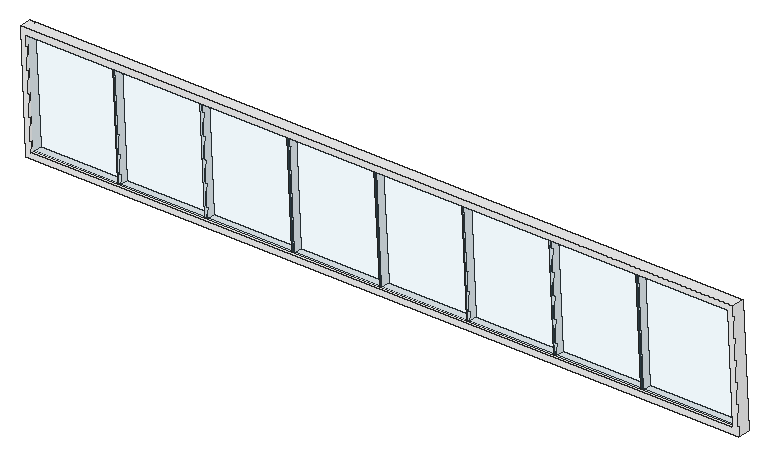
Revit family
Parameters (values of type "표준")
  창프레임 = ""
  창철물 = ""
  창유리/마감 = ""
  창위치/개소 = ""
  창부호 = "8/ACW"
  창번호 = "8"
  창기호 = "ACW"
  유리 = 유리
  프레임 = Kiyok형 창 평면도
  Assembly Code = ""
  기본 씰 높이 = 800 mm
  Wall Closure = (empty or 0)
Reference planes
  plane 1: y = 0
  plane 2 "오른쪽": x = 500
  plane 3 "씰": z = 800
  plane 4 "헤드": z = 800
  plane 5 "외부": y = 100
  plane 6 "내부": y = -100
  plane 7: z = 918.992
  plane 8: z = 2118.992
  plane 9: x = 4421.12
  plane 10: x = 4061.12
  plane 11: x = -4578.88
  plane 12: x = -4938.88
  plane 13: z = 1518.992
  plane 14: through (10500, -57.5, 1518.992) normal (0, -0.9578, 0.2874)
  plane 15: through (10500, -292.82, 386.634) normal (0, -0.9578, 0.2874)
  plane 16: through (10500, -484.385, 444.106) normal (0, -0.9578, 0.2874)
  plane 17: through (10500, -503.541, 449.853) normal (0, -0.9578, 0.2874)
  plane 18: through (10500, -474.807, 441.232) normal (0, -0.9578, 0.2874)
  plane 19: through (10500, -450.861, 434.048) normal (0, -0.9578, 0.2874)
  plane 20: through (10500, -364.657, 408.186) normal (0, -0.9578, 0.2874)
  plane 21: through (10500, -359.868, 406.749) normal (0, -0.9578, 0.2874)
  plane 22: z = 2058.992
  plane 23: z = 978.992
  plane 24: y = -362.793
  plane 25: y = 16.7
  plane 26: y = -307.3
  plane 27: y = -292.193
  plane 28: y = 41.7
  plane 29: z = 2418.992
  plane 30: x = -5238.88
  plane 31: z = 618.992
  plane 32: x = 4721.12
  plane 33: x = 1726.692
  plane 34: x = 2829.107
  plane 35: x = 2050.692
  plane 36: x = 3153.12
  plane 37: x = 1711.692
  plane 38: x = 1741.692
  plane 39: x = 2035.692
  plane 40: x = 2065.692
  plane 41: x = 2814.107
  plane 42: x = 2844.107
  plane 43: x = 3138.12
  plane 44: x = 3168.12
  plane 45: y = 107.246
  plane 46: y = 205.529
  plane 47: y = -216.77
  plane 48: y = -116.732
  plane 49: x = 4001.12
  plane 50: x = 4361.12
  plane 51: x = 4019.12
  plane 52: x = 4343.12
  plane 53: x = 2035.692
  plane 54: x = 933.263
  plane 55: x = -169.165
  plane 56: x = -2374.022
  plane 57: x = -3476.451
  plane 58: x = -1271.594
  plane 59: x = 2050.692
  plane 60: x = 948.263
  plane 61: x = -154.165
  plane 62: x = -1256.594
  plane 63: x = -2359.022
  plane 64: x = -3461.451
  plane 65: x = -3785.452
  plane 66: y = -362.8
Forms (mm)
  Extrusion 1, solid, material "Kiyok형 창 평면도" <- "프레임"
    sketch origin (4421.12, 207.5, 918.992) x (0, 0, -1) y (0, 1, 0)
      loop
        line (-1200, -210.276) -> (-1140, -228.276) -> (-1140, -72.571) -> (-1200, -53.67) -> (-1200, -210.276)
    from -9338.571 to -401.143
  Extrusion 2, solid, material "Kiyok형 창 평면도" <- "프레임"
    sketch origin (4421.12, 207.5, 918.992) x (0, 0, -1) y (0, 1, 0)
      loop
        line (-60, -552.292) -> (0, -570.293) -> (0, -412.788) -> (-60, -394.832) -> (-60, -552.292)
    from -18.769 to -9000
  Blend 3, solid, material "Kiyok형 창 평면도" <- "프레임"
    base sketch origin (0, -57.5, 0) x (1, 0, 0) y (0, 1, 0)
      loop
        line (-4578.88, -147.788) -> (-4578.88, -305.3) -> (-4518.88, -305.3) -> (-4518.88, -147.788) -> (-4578.88, -147.788)
    top sketch origin (0, -57.5, 0) x (1, 0, 0) y (0, 1, 0)
      loop
        line (-4938.88, 211.33) -> (-4938.88, 54.724) -> (-4878.88, 54.724) -> (-4878.88, 211.33) -> (-4938.88, 211.33)
    from 918.992 to 2118.992
  Blend 4, solid, material "Kiyok형 창 평면도" <- "프레임"
    base sketch origin (8940, -57.5, 0) x (1, 0, 0) y (0, 1, 0)
      loop
        line (-4578.88, -147.788) -> (-4578.88, -305.293) -> (-4518.88, -305.293) -> (-4518.88, -147.788) -> (-4578.88, -147.788)
    top sketch origin (8940, -57.5, 0) x (1, 0, 0) y (0, 1, 0)
      loop
        line (-4938.88, 211.33) -> (-4938.88, 54.724) -> (-4878.88, 54.724) -> (-4878.88, 211.33) -> (-4938.88, 211.33)
    from 918.992 to 2118.992
  Blend 5, solid, material "Kiyok형 창 평면도" <- "프레임"
    base sketch origin (6000, -110.6, 0) x (1, 0, 0) y (0, 1, 0)
      loop
        line (-2861.88, -176.77) -> (-2831.88, -176.77) -> (-2831.88, -76.732) -> (-2861.88, -76.732) -> (-2861.88, -176.77)
    top sketch origin (6000, -110.6, 0) x (1, 0, 0) y (0, 1, 0)
      loop
        line (-3185.893, 147.246) -> (-3155.893, 147.246) -> (-3155.893, 245.529) -> (-3185.893, 245.529) -> (-3185.893, 147.246)
    from 978.992 to 2059
  Blend 6, solid, material "유리" <- "유리"
    base sketch origin (7458, -45.083, -0.003) x (1, 0, 0) y (0, 1, -0.000013)
      loop
        line (-3114.88, -267.3) -> (-3114.88, -242.3) -> (-4304.88, -242.3) -> (-4304.88, -267.3) -> (-3114.88, -267.3)
    top sketch origin (7458, -45.083, -0.003) x (1, 0, 0) y (0, 1, -0.000013)
      loop
        line (-3438.88, 56.7) -> (-3438.88, 81.7) -> (-4628.893, 81.7) -> (-4628.893, 56.7) -> (-3438.88, 56.7)
    from 978.992 to 2058.992
  Blend 7, solid, material "유리" <- "유리"
    base sketch origin (6000, -45.083, -0.003) x (1, 0, 0) y (0, 1, -0.000013)
      loop
        line (-2846.88, -267.3) -> (-2846.88, -242.3) -> (-3949.308, -242.3) -> (-3949.308, -267.3) -> (-2846.88, -267.3)
    top sketch origin (6000, -45.083, -0.003) x (1, 0, 0) y (0, 1, -0.000013)
      loop
        line (-3170.893, 56.7) -> (-3170.893, 81.7) -> (-4273.308, 81.7) -> (-4273.308, 56.7) -> (-3170.893, 56.7)
    from 978.992 to 2058.992
  Blend 8, solid, material "유리" <- "유리"
    base sketch origin (4897.571, -45.083, -0.003) x (1, 0, 0) y (0, 1, -0.000013)
      loop
        line (-2846.88, -267.3) -> (-2846.88, -242.3) -> (-3949.308, -242.3) -> (-3949.308, -267.3) -> (-2846.88, -267.3)
    top sketch origin (4897.571, -45.083, -0.003) x (1, 0, 0) y (0, 1, -0.000013)
      loop
        line (-3170.893, 56.7) -> (-3170.893, 81.7) -> (-4273.308, 81.7) -> (-4273.308, 56.7) -> (-3170.893, 56.7)
    from 978.992 to 2058.992
  Blend 9, solid, material "유리" <- "유리"
    base sketch origin (3795.143, -45.083, -0.003) x (1, 0, 0) y (0, 1, -0.000013)
      loop
        line (-2846.88, -267.3) -> (-2846.88, -242.3) -> (-3949.308, -242.3) -> (-3949.308, -267.3) -> (-2846.88, -267.3)
    top sketch origin (3795.143, -45.083, -0.003) x (1, 0, 0) y (0, 1, -0.000013)
      loop
        line (-3170.893, 56.7) -> (-3170.893, 81.7) -> (-4273.308, 81.7) -> (-4273.308, 56.7) -> (-3170.893, 56.7)
    from 978.992 to 2058.992
  Blend 10, solid, material "유리" <- "유리"
    base sketch origin (2692.714, -45.083, -0.003) x (1, 0, 0) y (0, 1, -0.000013)
      loop
        line (-2846.88, -267.3) -> (-2846.88, -242.3) -> (-3949.308, -242.3) -> (-3949.308, -267.3) -> (-2846.88, -267.3)
    top sketch origin (2692.714, -45.083, -0.003) x (1, 0, 0) y (0, 1, -0.000013)
      loop
        line (-3170.893, 56.7) -> (-3170.893, 81.7) -> (-4273.308, 81.7) -> (-4273.308, 56.7) -> (-3170.893, 56.7)
    from 978.992 to 2058.992
  Blend 11, solid, material "유리" <- "유리"
    base sketch origin (1590.286, -45.083, -0.003) x (1, 0, 0) y (0, 1, -0.000013)
      loop
        line (-2846.88, -267.3) -> (-2846.88, -242.3) -> (-3949.308, -242.3) -> (-3949.308, -267.3) -> (-2846.88, -267.3)
    top sketch origin (1590.286, -45.083, -0.003) x (1, 0, 0) y (0, 1, -0.000013)
      loop
        line (-3170.893, 56.7) -> (-3170.893, 81.7) -> (-4273.308, 81.7) -> (-4273.308, 56.7) -> (-3170.893, 56.7)
    from 978.992 to 2058.992
  Blend 12, solid, material "유리" <- "유리"
    base sketch origin (487.857, -45.083, -0.003) x (1, 0, 0) y (0, 1, -0.000013)
      loop
        line (-2846.88, -267.3) -> (-2846.88, -242.3) -> (-3949.308, -242.3) -> (-3949.308, -267.3) -> (-2846.88, -267.3)
    top sketch origin (487.857, -45.083, -0.003) x (1, 0, 0) y (0, 1, -0.000013)
      loop
        line (-3170.893, 56.7) -> (-3170.893, 81.7) -> (-4273.308, 81.7) -> (-4273.308, 56.7) -> (-3170.893, 56.7)
    from 978.992 to 2058.992
  Blend 13, solid, material "유리" <- "유리"
    base sketch origin (-587.571, -45.083, -0.003) x (1, 0, 0) y (0, 1, -0.000013)
      loop
        line (-2873.88, -267.3) -> (-2873.88, -242.3) -> (-3949.308, -242.3) -> (-3949.308, -267.3) -> (-2873.88, -267.3)
    top sketch origin (-587.571, -45.083, -0.003) x (1, 0, 0) y (0, 1, -0.000013)
      loop
        line (-3197.881, 56.7) -> (-3197.881, 81.7) -> (-4273.308, 81.7) -> (-4273.308, 56.7) -> (-3197.881, 56.7)
    from 978.992 to 2058.992
  Blend 14, solid, material "Kiyok형 창 평면도" <- "프레임"
    base sketch origin (4897.571, -110.6, 0) x (1, 0, 0) y (0, 1, 0)
      loop
        line (-2861.88, -176.77) -> (-2831.88, -176.77) -> (-2831.88, -76.732) -> (-2861.88, -76.732) -> (-2861.88, -176.77)
    top sketch origin (4897.571, -110.6, 0) x (1, 0, 0) y (0, 1, 0)
      loop
        line (-3185.893, 147.246) -> (-3155.893, 147.246) -> (-3155.893, 245.529) -> (-3185.893, 245.529) -> (-3185.893, 147.246)
    from 978.992 to 2059
  Blend 15, solid, material "Kiyok형 창 평면도" <- "프레임"
    base sketch origin (3795.143, -110.6, 0) x (1, 0, 0) y (0, 1, 0)
      loop
        line (-2861.88, -176.77) -> (-2831.88, -176.77) -> (-2831.88, -76.732) -> (-2861.88, -76.732) -> (-2861.88, -176.77)
    top sketch origin (3795.143, -110.6, 0) x (1, 0, 0) y (0, 1, 0)
      loop
        line (-3185.893, 147.246) -> (-3155.893, 147.246) -> (-3155.893, 245.529) -> (-3185.893, 245.529) -> (-3185.893, 147.246)
    from 978.992 to 2059
  Blend 16, solid, material "Kiyok형 창 평면도" <- "프레임"
    base sketch origin (2692.732, -110.6, 0) x (1, 0, 0) y (0, 1, 0)
      loop
        line (-2861.88, -176.77) -> (-2831.88, -176.77) -> (-2831.88, -76.732) -> (-2861.88, -76.732) -> (-2861.88, -176.77)
    top sketch origin (2692.732, -110.6, 0) x (1, 0, 0) y (0, 1, 0)
      loop
        line (-3185.893, 147.246) -> (-3155.893, 147.246) -> (-3155.893, 245.529) -> (-3185.893, 245.529) -> (-3185.893, 147.246)
    from 978.992 to 2059
  Blend 17, solid, material "Kiyok형 창 평면도" <- "프레임"
    base sketch origin (1590.286, -110.6, 0) x (1, 0, 0) y (0, 1, 0)
      loop
        line (-2861.88, -176.77) -> (-2831.88, -176.77) -> (-2831.88, -76.732) -> (-2861.88, -76.732) -> (-2861.88, -176.77)
    top sketch origin (1590.286, -110.6, 0) x (1, 0, 0) y (0, 1, 0)
      loop
        line (-3185.893, 147.246) -> (-3155.893, 147.246) -> (-3155.893, 245.529) -> (-3185.893, 245.529) -> (-3185.893, 147.246)
    from 978.992 to 2059
  Blend 18, solid, material "Kiyok형 창 평면도" <- "프레임"
    base sketch origin (487.857, -110.6, 0) x (1, 0, 0) y (0, 1, 0)
      loop
        line (-2861.88, -176.77) -> (-2831.88, -176.77) -> (-2831.88, -76.732) -> (-2861.88, -76.732) -> (-2861.88, -176.77)
    top sketch origin (487.857, -110.6, 0) x (1, 0, 0) y (0, 1, 0)
      loop
        line (-3185.893, 147.246) -> (-3155.893, 147.246) -> (-3155.893, 245.529) -> (-3185.893, 245.529) -> (-3185.893, 147.246)
    from 978.992 to 2059
  Blend 19, solid, material "Kiyok형 창 평면도" <- "프레임"
    base sketch origin (-614.559, -110.6, 0) x (1, 0, 0) y (0, 1, 0)
      loop
        line (-2861.88, -176.77) -> (-2831.88, -176.77) -> (-2831.88, -76.732) -> (-2861.88, -76.732) -> (-2861.88, -176.77)
    top sketch origin (-614.559, -110.6, 0) x (1, 0, 0) y (0, 1, 0)
      loop
        line (-3185.893, 147.246) -> (-3155.893, 147.246) -> (-3155.893, 245.529) -> (-3185.893, 245.529) -> (-3185.893, 147.246)
    from 978.992 to 2059
Cuts and joins
  joined: Extrusion 1, Extrusion 2, Blend 3, Blend 4
Lines and regions (mm)
  Opening 1
    outline origin (3500, -100, 0) x (1, 0, 0) y (0, 0, 1)
      loop
        line (921.12, 918.992) -> (561.12, 2118.992) -> (-8438.88, 2118.992) -> (-8078.88, 918.992) -> (921.12, 918.992)
  symbolic lines
    curve 1: line (-4933.88, 100, 2113.992) -> (-4933.88, 100, 923.992)
    curve 2: line (-4933.88, 100, 923.992) -> (4416.12, 100, 923.992)
    curve 3: line (-5238.88, 100, 918.992) -> (4721.12, 100, 918.992)
    curve 4: line (-4943.88, 100, 913.992) -> (4426.12, 100, 913.992)
    curve 5: line (-4938.88, 100, 2418.992) -> (-4938.88, 100, 618.992)
    curve 6: line (-4943.88, 100, 2123.992) -> (-4943.88, 100, 913.992)
    curve 7: line (4416.12, 100, 2113.992) -> (4416.12, 100, 923.992)
    curve 8: line (4421.12, 100, 2418.992) -> (4421.12, 100, 618.992)
    curve 9: line (4426.12, 100, 2123.992) -> (4426.12, 100, 913.992)
    curve 10: line (-4933.88, 100, 2113.992) -> (4416.12, 100, 2113.992)
    curve 11: line (-5238.88, 100, 2118.992) -> (4721.12, 100, 2118.992)
    curve 12: line (-4943.88, 100, 2123.992) -> (4426.12, 100, 2123.992)
Text (mm)
  text "외부" at (-1963.203, 1332.353, 0), in view "참조 레벨"
  text "내부" at (-1981.466, -818.386, 0), in view "참조 레벨"
  text "외부" at (0, 923.751, 2943.296), in view "오른쪽"
  text "외부" at (0, 1040.484, 2685.409), in view "왼쪽"
Dimensions and locks
  locked: plane 3 "씰" to plane 4 "헤드"
  "기본 씰 높이": plane 3 "씰" to level
  locked: plane 5 "외부" to host wall at 0
  locked: plane 6 "내부" to host wall
  plane 17 to plane 16 = 20 mm
  plane 16 to plane 18 = 10 mm
  plane 18 to plane 19 = 25 mm
  plane 19 to plane 20 = 90 mm
  plane 17 to plane 21 = 150 mm
  curve 1 to curve 5 to curve 6 = 5 mm locked, 5 mm locked
  curve 4 to curve 3 to curve 2 = 5 mm locked, 5 mm locked
  curve 7 to curve 8 to curve 9 = 5 mm locked, 5 mm locked
  curve 12 to curve 11 to curve 10 = 5 mm locked, 5 mm locked
  plane 12 to plane 33 to plane 34 to plane 10 = 6665.571 mm, 1102.415 mm, 1232.013 mm
  plane 12 to plane 11 = 360 mm
  plane 33 to plane 35 = 324 mm
  plane 34 to plane 36 = 324.013 mm
  plane 37 to plane 33 to plane 38 = 15 mm, 15 mm
  plane 39 to plane 35 to plane 40 = 15 mm, 15 mm
  plane 41 to plane 34 to plane 42 = 15 mm, 15 mm
  plane 43 to plane 36 to plane 44 = 15 mm, 15 mm
  plane 46 to plane 45 = 98.283 mm
  plane 48 to plane 47 = 100.038 mm
  plane 11 to plane 12 = 360 mm
  plane 9 to plane 10 = 360 mm
  plane 49 to plane 10 = 60 mm
  plane 50 to plane 9 = 60 mm
  plane 10 to plane 12 = 9000 mm
  plane 44 to plane 42 = 324.013 mm
  plane 43 to plane 53 to plane 54 to plane 55 to plane 58 to plane 56 to plane 57 to plane 11 = 1102.429 mm, 1102.429 mm, 1102.429 mm, 1102.429 mm, 1102.429 mm, 1102.429 mm, 1102.429 mm
  curve 8 to plane 36 = 1268 mm
  locked: plane 4 "헤드" to plane 7 at 118.992
  locked: plane 7 to plane 23 at 60
  locked: plane 4 "헤드" to plane 8 at 1318.992
  angle host wall to plane 52 = 16.6992°
  aligned and locked: Extrusion 2 sketch curve to cut or joined group of Extrusion 1, Extrusion 2, Blend 3, Blend 4  (x2)
  aligned and locked: Blend 6 sketch curve to plane 34
  aligned and locked: plane 51 to Blend 6 sketch curve
  aligned and locked: plane 52 to Blend 6 sketch curve
  aligned and locked: Blend 3 to plane 7
  aligned and locked: plane 8 to Blend 3
  aligned and locked: Blend 4 to plane 7
  aligned and locked: plane 8 to Blend 4
  aligned and locked: Blend 3 sketch curve to plane 66
  aligned and locked: plane 23 to Blend 6
  aligned and locked: plane 23 to Blend 7
  aligned and locked: plane 23 to Blend 8
  aligned and locked: plane 23 to Blend 9
  aligned and locked: plane 23 to Blend 10
  aligned and locked: plane 23 to Blend 11
  aligned and locked: plane 23 to Blend 12
  aligned and locked: plane 23 to Blend 13
  aligned and locked: Blend 5 to plane 23
  aligned and locked: Blend 14 to plane 23
  aligned and locked: Blend 15 to plane 23
  aligned and locked: Blend 16 to plane 23
  aligned and locked: Blend 17 to plane 23
  aligned and locked: Blend 18 to plane 23
  aligned and locked: Blend 19 to plane 23
Automatic sketch dimensions
  Opening 1 sketch curve to plane 8 = 0 mm
  Opening 1 sketch curve to plane 12 = 0 mm
  Opening 1 sketch curve to plane 7 = 0 mm
  Opening 1 sketch curve to plane 11 = 0 mm
  Opening 1 sketch curve to plane 10 = 0 mm
  Opening 1 sketch curve to plane 9 = 0 mm
  curve 11 to plane 8 = 0 mm
  curve 11 to plane 30 = 0 mm
  curve 3 to plane 7 = 0 mm
  curve 3 to plane 30 = 0 mm
  curve 5 to plane 12 = 0 mm
  curve 3 to plane 32 = 0 mm
  curve 11 to plane 32 = 0 mm
  curve 5 to plane 31 = 0 mm
  curve 8 to plane 31 = 0 mm
  curve 5 to plane 29 = 0 mm
  curve 8 to plane 29 = 0 mm
  Extrusion 1 sketch curve to plane 8 = 0 mm
  Extrusion 1 sketch curve to plane 17 = 0 mm  (x2)
  Extrusion 1 sketch curve to plane 22 = 0 mm
  Extrusion 1 sketch curve to plane 21 = 0 mm
  Extrusion 1 sketch curve to plane 45 = 27.683 mm
  Extrusion 2 sketch curve to plane 23 = 0 mm
  Extrusion 2 sketch curve to plane 7 = 0 mm
  Blend 3 sketch curve to plane 11 = 0 mm
  plane 11 to Blend 3 sketch curve = 60 mm
  Blend 3 sketch curve to plane 47 = 11.482 mm
  Blend 3 sketch curve to plane 12 = 0 mm
  host wall to Blend 3 sketch curve = 2.776 mm
  plane 12 to Blend 3 sketch curve = 60 mm
  Blend 3 sketch curve to plane 45 = 46.584 mm
  Blend 4 sketch curve to plane 24 = 0 mm
  Blend 4 sketch curve to plane 9 = 0 mm
  plane 52 to Blend 4 sketch curve = 18 mm
  Blend 4 sketch curve to plane 47 = 11.482 mm
  Blend 4 sketch curve to plane 10 = 0 mm
  Blend 4 sketch curve to plane 51 = 18 mm
  host wall to Blend 4 sketch curve = 2.776 mm
  Blend 4 sketch curve to plane 45 = 46.584 mm
  Blend 5 sketch curve to plane 43 = 0 mm
  Blend 5 sketch curve to plane 44 = 0 mm
  plane 27 to Blend 5 sketch curve = 4.823 mm
  Blend 5 sketch curve to plane 47 = 29.438 mm
  Blend 5 sketch curve to plane 41 = 0 mm
  Blend 5 sketch curve to plane 42 = 0 mm
  Blend 5 sketch curve to plane 28 = 5.054 mm
  Blend 5 sketch curve to plane 45 = 27.683 mm
  Blend 6 sketch curve to plane 36 = 0 mm
  Blend 6 sketch curve to Blend 6 sketch curve = 25 mm  (x2)
  Blend 7 sketch curve to plane 35 = 0 mm
  Blend 7 sketch curve to plane 36 = 0 mm
  Blend 7 sketch curve to Blend 7 sketch curve = 25 mm  (x2)
  Blend 7 sketch curve to plane 33 = 0 mm
  Blend 7 sketch curve to plane 34 = 0 mm
  Blend 8 sketch curve to plane 60 = 0 mm
  Blend 8 sketch curve to plane 35 = 0 mm
  Blend 8 sketch curve to Blend 8 sketch curve = 25 mm  (x2)
  Blend 8 sketch curve to plane 2 "오른쪽" = 124.263 mm
  Blend 8 sketch curve to plane 33 = 0.013 mm
  Blend 9 sketch curve to plane 61 = 0 mm
  Blend 9 sketch curve to plane 60 = 0 mm
  Blend 9 sketch curve to Blend 9 sketch curve = 25 mm  (x2)
  Blend 9 sketch curve to plane 55 = 309 mm
  Blend 9 sketch curve to plane 2 "오른쪽" = 124.25 mm
  Blend 10 sketch curve to plane 62 = 0 mm
  Blend 10 sketch curve to plane 61 = 0 mm
  Blend 10 sketch curve to Blend 10 sketch curve = 25 mm  (x2)
  Blend 10 sketch curve to plane 58 = 309 mm
  Blend 10 sketch curve to plane 55 = 309.013 mm
  Blend 11 sketch curve to plane 63 = 0 mm
  Blend 11 sketch curve to plane 62 = 0 mm
  Blend 11 sketch curve to Blend 11 sketch curve = 25 mm  (x2)
  Blend 11 sketch curve to plane 56 = 309 mm
  Blend 11 sketch curve to plane 58 = 309.013 mm
  Blend 12 sketch curve to plane 64 = 0 mm
  Blend 12 sketch curve to plane 63 = 0 mm
  Blend 12 sketch curve to Blend 12 sketch curve = 25 mm  (x2)
  Blend 12 sketch curve to plane 65 = 0.001 mm
  Blend 12 sketch curve to plane 56 = 309.013 mm
  Blend 13 sketch curve to plane 64 = 0 mm
  plane 11 to Blend 13 sketch curve = 42 mm
  Blend 13 sketch curve to Blend 13 sketch curve = 25 mm  (x2)
  Blend 13 sketch curve to plane 65 = 0 mm
  plane 12 to Blend 13 sketch curve = 78 mm
  Blend 14 sketch curve to plane 39 = 0 mm
  Blend 14 sketch curve to plane 40 = 0 mm
  plane 27 to Blend 14 sketch curve = 4.823 mm
  Blend 14 sketch curve to plane 47 = 29.438 mm
  Blend 14 sketch curve to plane 37 = 0.013 mm
  Blend 14 sketch curve to plane 38 = 0.013 mm
  Blend 14 sketch curve to plane 28 = 5.054 mm
  Blend 14 sketch curve to plane 45 = 27.683 mm
  Blend 15 sketch curve to plane 54 = 0 mm
  plane 27 to Blend 15 sketch curve = 4.823 mm
  plane 60 to Blend 15 sketch curve = 15 mm
  Blend 15 sketch curve to plane 47 = 29.438 mm
  Blend 15 sketch curve to plane 45 = 27.683 mm
  Blend 15 sketch curve to plane 2 "오른쪽" = 109.25 mm
  Blend 15 sketch curve to Blend 15 sketch curve = 30 mm
  Blend 15 sketch curve to plane 28 = 5.054 mm
  plane 55 to Blend 16 sketch curve = 0.018 mm
  plane 27 to Blend 16 sketch curve = 4.823 mm
  plane 61 to Blend 16 sketch curve = 15.018 mm
  Blend 16 sketch curve to plane 47 = 29.438 mm
  Blend 16 sketch curve to plane 45 = 27.683 mm
  Blend 16 sketch curve to plane 55 = 323.995 mm
  Blend 16 sketch curve to Blend 16 sketch curve = 30 mm
  Blend 16 sketch curve to plane 28 = 5.054 mm
  Blend 17 sketch curve to plane 58 = 0 mm
  plane 27 to Blend 17 sketch curve = 4.823 mm
  plane 62 to Blend 17 sketch curve = 15 mm
  Blend 17 sketch curve to plane 47 = 29.438 mm
  Blend 17 sketch curve to plane 45 = 27.683 mm
  Blend 17 sketch curve to plane 58 = 324.013 mm
  Blend 17 sketch curve to Blend 17 sketch curve = 30 mm
  Blend 17 sketch curve to plane 28 = 5.054 mm
  Blend 18 sketch curve to plane 56 = 0 mm
  plane 27 to Blend 18 sketch curve = 4.823 mm
  plane 63 to Blend 18 sketch curve = 15 mm
  Blend 18 sketch curve to plane 47 = 29.438 mm
  Blend 18 sketch curve to plane 45 = 27.683 mm
  Blend 18 sketch curve to plane 56 = 324.013 mm
  Blend 18 sketch curve to Blend 18 sketch curve = 30 mm
  Blend 18 sketch curve to plane 28 = 5.054 mm
  plane 57 to Blend 19 sketch curve = 0.012 mm
  plane 27 to Blend 19 sketch curve = 4.823 mm
  plane 64 to Blend 19 sketch curve = 15.012 mm
  Blend 19 sketch curve to plane 47 = 29.438 mm
  plane 65 to Blend 19 sketch curve = 15 mm
  Blend 19 sketch curve to plane 65 = 15 mm
  Blend 19 sketch curve to plane 28 = 5.054 mm
  Blend 19 sketch curve to plane 45 = 27.683 mm
